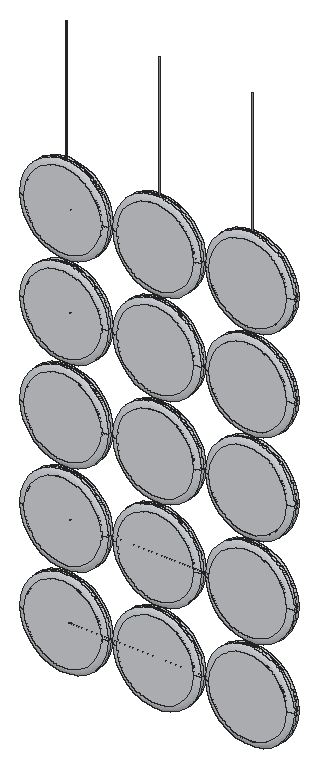
Revit family "CIRCLE CONNECT", category Generic Models, host Ceiling, Revit 2019
Family settings
  Host = Ceiling
  Can host rebar = No
  Round Connector Dimension = Use Diameter
  Part Type = Normal
  Always vertical = Yes
  Cut with Voids When Loaded = No
  Shared = No
  Room Calculation Point = No
Parameters
  ROD LENGTH [instance] = 2' - 1"
  FRONT PANEL MATERIAL [instance] = none
  CABLE MATERIAL = none
  BACK PANEL MATERIAL [instance] = none
Reference planes (in)
  plane 1 "Center (Front/Back)": y = 0
  plane 2 "Ceiling": z = 120
  plane 3 "Center (Left/Right)": x = 0
  plane 4: z = 11
  plane 5: x = 0
  plane 6: z = 48.5
  plane 7: z = 86
  plane 8: x = -18.75
  plane 9: x = 18.75
  plane 10: z = 95
  plane 11: z = 2
  plane 12: x = 27.75
  plane 13: x = -27.75
  plane 14: z = 57.875
  plane 15: z = 39.125
  plane 16: z = 29.75
  plane 17: z = 67.25
  plane 18: z = 76.625
  plane 19: z = 20.375
Forms (in)
  Extrusion 1, solid, material <- "CABLE MATERIAL"
    sketch origin (0, 0, 120) x (1, 0, 0) y (0, 1, 0)
      loop
        circle (-18.75, 0) r 0.0625
      loop
        circle (0, 0) r 0.0625
      loop
        circle (18.75, 0) r 0.0625
    from -25 to -113.5
  Extrusion 2, solid, material <- "CABLE MATERIAL"
    sketch origin (0, 0, 79) x (0, -1, 0) y (1, 0, 0)
      loop
        circle (0, -18.75) r 0.0625
      loop
        circle (0, 0) r 0.0625
      loop
        circle (0, 18.75) r 0.0625
    from 16 to 41
  Extrusion 3, solid, material <- "CABLE MATERIAL"
    sketch origin (0, 0, 0) x (1, 0, 0) y (0, 0, 1)
      loop
        circle (-18.75, 57.875) r 0.09375
      loop
        circle (0, 57.875) r 0.09375
      loop
        circle (18.75, 57.875) r 0.09375
      loop
        circle (-18.75, 39.125) r 0.09375
      loop
        circle (0, 39.125) r 0.09375
      loop
        circle (18.75, 39.125) r 0.09375
      loop
        circle (-18.75, 20.375) r 0.09375
      loop
        circle (0, 20.375) r 0.09375
      loop
        circle (18.75, 20.375) r 0.09375
      loop
        circle (-18.75, 76.625) r 0.09375
      loop
        circle (0, 76.625) r 0.09375
      loop
        circle (18.75, 76.625) r 0.09375
    from -0.25 to 0.25
  Extrusion 4, solid, material <- "CABLE MATERIAL"
    sketch origin (-17.33255, 24.88386, -16.61397) x (0, -1, 0) y (0, 0, 1)
      loop
        circle (24.88386, 102.61397) r 0.0625
      loop
        circle (24.90218, 65.11397) r 0.0499
      loop
        circle (24.87274, 83.86397) r 0.07934
      loop
        circle (24.88386, 27.61397) r 0.06823
      loop
        circle (24.88958, 46.36397) r 0.0625
    from -30.34459 to 0.87072
  Extrusion 5, solid, material <- "CABLE MATERIAL"
    sketch origin (2.65559, 0, -2.19225) x (1, 0, 0) y (0, 0, 1)
      loop
        circle (6.70663, 31.95829) r 0.0625
      loop
        circle (-12.01283, 31.95156) r 0.0625
      loop
        circle (6.72932, 13.18767) r 0.0625
      loop
        circle (-12.01678, 13.20016) r 0.0625
      loop
        circle (6.75069, 50.6875) r 0.0625
      loop
        circle (-12.05618, 50.6875) r 0.0625
      loop
        circle (6.68576, 69.40694) r 0.0625
      loop
        circle (-12.05618, 69.42895) r 0.0625
      loop
        circle (6.7514, 88.18767) r 0.0625
      loop
        circle (-12.06988, 88.18767) r 0.0625
    from -0.25 to 0.25
Dimensions and locks (in)
  equal spacing: host sketch curve, plane 3 "Center (Left/Right)", host sketch curve
  equal spacing: host sketch curve, plane 1 "Center (Front/Back)", host sketch curve
  host sketch curve to host sketch curve = 10' - 0"  (x2)
  equal spacing: plane 12, plane 3 "Center (Left/Right)", plane 13
  plane 10 to plane 7 to plane 17 to plane 6 to plane 16 to plane 4 to plane 11 to level = 0' - 9" locked, 1' - 6 3/4" locked, 1' - 6 3/4" locked, 1' - 6 3/4" locked, 1' - 6 3/4" locked, 0' - 9" locked, 0' - 2" locked
  equal spacing: plane 7, plane 18, plane 17
  equal spacing: plane 17, plane 14, plane 6
  equal spacing: plane 6, plane 15, plane 16
  equal spacing: plane 16, plane 19, plane 4
  "ROD LENGTH": plane 2 "Ceiling" to plane 10
  aligned and locked: plane 2 "Ceiling" to host ceiling
  aligned and locked: plane 10 to Extrusion 1
  aligned and locked: plane 2 "Ceiling" to Extrusion 2
  aligned and locked: Extrusion 2 to plane 10
  aligned and locked: plane 4 to nested 1
  aligned and locked: plane 4 to nested 2
  aligned and locked: nested 3 to plane 4
  aligned and locked: plane 9 to nested 3
  aligned and locked: nested 2 to plane 5
  aligned and locked: nested 1 to plane 8
Automatic sketch dimensions
  plane 1 "Center (Front/Back)" to Extrusion 1 sketch curve = 0' - 0"  (x3)
  Extrusion 1 sketch curve to plane 8 = 0' - 0"
  Extrusion 1 sketch curve to plane 3 "Center (Left/Right)" = 0' - 0"
  Extrusion 1 sketch curve to plane 9 = 0' - 0"
  plane 1 "Center (Front/Back)" to Extrusion 2 sketch curve = 0' - 0"  (x3)
  Extrusion 2 sketch curve to plane 8 = 0' - 0"
  Extrusion 2 sketch curve to plane 3 "Center (Left/Right)" = 0' - 0"
  Extrusion 2 sketch curve to plane 9 = 0' - 0"
  plane 8 to Extrusion 3 sketch curve = 0' - 0"  (x4)
  plane 5 to Extrusion 3 sketch curve = 0' - 0"  (x4)
  plane 9 to Extrusion 3 sketch curve = 0' - 0"  (x4)
  Extrusion 3 sketch curve to plane 19 = 0' - 0"  (x3)
  Extrusion 3 sketch curve to plane 15 = 0' - 0"  (x3)
  Extrusion 3 sketch curve to plane 14 = 0' - 0"  (x3)
  Extrusion 3 sketch curve to plane 18 = 0' - 0"  (x3)
  Extrusion 4 sketch curve to plane 16 = 0' - 0"
  Extrusion 4 sketch curve to plane 6 = 0' - 0"
  plane 7 to Extrusion 4 sketch curve = 0' - 0"
  Extrusion 4 sketch curve to plane 4 = 0' - 0"
  Extrusion 4 sketch curve to plane 1 "Center (Front/Back)" = 0' - 0"
  Extrusion 4 sketch curve to Extrusion 4 sketch curve = 0' - 0.00573"
  Extrusion 4 sketch curve to Extrusion 4 sketch curve = 0' - 0.0126"
  Extrusion 4 sketch curve to plane 17 = 0' - 0"
  Extrusion 4 sketch curve to Extrusion 4 sketch curve = 0' - 0.02944"
  plane 1 "Center (Front/Back)" to Extrusion 4 sketch curve = 0' - 0"
  plane 12 to Extrusion 5 sketch curve = 3' - 1.10725"
  plane 12 to Extrusion 5 sketch curve = 3' - 1.16429"
  plane 11 to Extrusion 5 sketch curve = 0' - 9.00791"
  plane 12 to Extrusion 5 sketch curve = 3' - 1.11119"
  plane 12 to Extrusion 5 sketch curve = 3' - 1.1506"  (x2)
  Extrusion 5 sketch curve to plane 14 = 0' - 9.33969"
  Extrusion 5 sketch curve to plane 15 = 0' - 9.37025"  (x2)
  plane 11 to Extrusion 5 sketch curve = 0' - 8.99542"
  Extrusion 5 sketch curve to plane 18 = 0' - 9.37042"  (x2)
  Extrusion 5 sketch curve to plane 19 = 0' - 9.39104"
  Extrusion 5 sketch curve to plane 19 = 0' - 9.38431"
  Extrusion 5 sketch curve to plane 14 = 0' - 9.3617"
  plane 12 to Extrusion 5 sketch curve = 1' - 6.40865"
  plane 12 to Extrusion 5 sketch curve = 1' - 6.34372"
  plane 12 to Extrusion 5 sketch curve = 1' - 6.36509"
  plane 12 to Extrusion 5 sketch curve = 1' - 6.34301"
  plane 12 to Extrusion 5 sketch curve = 1' - 6.38778"
  radius of Extrusion 1 sketch curve = 0' - 0 1/16"  (x3)
  radius of Extrusion 2 sketch curve = 0' - 0 1/16"  (x3)
  radius of Extrusion 3 sketch curve = 0' - 0 3/32"  (x12)
  radius of Extrusion 4 sketch curve = 0' - 0 1/16"  (x2)
  radius of Extrusion 4 sketch curve = 0' - 0.0499"
  radius of Extrusion 4 sketch curve = 0' - 0.07934"
  radius of Extrusion 4 sketch curve = 0' - 0.06823"
  radius of Extrusion 5 sketch curve = 0' - 0 1/16"  (x10)
Nested families (in)
  nested 1: "CIRCLE CONNECT PANEL" at (-18.75, 0, 11), BACK PANEL MATERIAL <- "BACK PANEL MATERIAL", FRONT PANEL MATERIAL <- "FRONT PANEL MATERIAL", type "CIRCLE CONNECT PANEL"
    with FRONT PANEL MATERIAL none, BACK PANEL MATERIAL none
  nested 2: "CIRCLE CONNECT PANEL" at (0, 0, 11), BACK PANEL MATERIAL <- "BACK PANEL MATERIAL", FRONT PANEL MATERIAL <- "FRONT PANEL MATERIAL", type "CIRCLE CONNECT PANEL"
    with FRONT PANEL MATERIAL none, BACK PANEL MATERIAL none
  nested 3: "CIRCLE CONNECT PANEL" at (18.75, 0, 11) x (-1, 0, 0) z (0, 0, 1), BACK PANEL MATERIAL <- "BACK PANEL MATERIAL", FRONT PANEL MATERIAL <- "FRONT PANEL MATERIAL", type "CIRCLE CONNECT PANEL"
    with FRONT PANEL MATERIAL none, BACK PANEL MATERIAL none
  nested 4: "CIRCLE CONNECT PANEL" at (-18.75, 0, 86), BACK PANEL MATERIAL <- "BACK PANEL MATERIAL", FRONT PANEL MATERIAL <- "FRONT PANEL MATERIAL", type "CIRCLE CONNECT PANEL"
    with FRONT PANEL MATERIAL none, BACK PANEL MATERIAL none
  nested 5: "CIRCLE CONNECT PANEL" at (0, 0, 86), BACK PANEL MATERIAL <- "BACK PANEL MATERIAL", FRONT PANEL MATERIAL <- "FRONT PANEL MATERIAL", type "CIRCLE CONNECT PANEL"
    with FRONT PANEL MATERIAL none, BACK PANEL MATERIAL none
  nested 6: "CIRCLE CONNECT PANEL" at (18.75, 0, 86) x (-1, 0, 0) z (0, 0, 1), BACK PANEL MATERIAL <- "BACK PANEL MATERIAL", FRONT PANEL MATERIAL <- "FRONT PANEL MATERIAL", type "CIRCLE CONNECT PANEL"
    with FRONT PANEL MATERIAL none, BACK PANEL MATERIAL none
  nested 7: "CIRCLE CONNECT PANEL" at (-18.75, 0, 29.75), BACK PANEL MATERIAL <- "BACK PANEL MATERIAL", FRONT PANEL MATERIAL <- "FRONT PANEL MATERIAL", type "CIRCLE CONNECT PANEL"
    with FRONT PANEL MATERIAL none, BACK PANEL MATERIAL none
  nested 8: "CIRCLE CONNECT PANEL" at (0, 0, 29.75), BACK PANEL MATERIAL <- "BACK PANEL MATERIAL", FRONT PANEL MATERIAL <- "FRONT PANEL MATERIAL", type "CIRCLE CONNECT PANEL"
    with FRONT PANEL MATERIAL none, BACK PANEL MATERIAL none
  nested 9: "CIRCLE CONNECT PANEL" at (18.75, 0, 29.75) x (-1, 0, 0) z (0, 0, 1), BACK PANEL MATERIAL <- "BACK PANEL MATERIAL", FRONT PANEL MATERIAL <- "FRONT PANEL MATERIAL", type "CIRCLE CONNECT PANEL"
    with FRONT PANEL MATERIAL none, BACK PANEL MATERIAL none
  nested 10: "CIRCLE CONNECT PANEL" at (-18.75, 0, 48.5), BACK PANEL MATERIAL <- "BACK PANEL MATERIAL", FRONT PANEL MATERIAL <- "FRONT PANEL MATERIAL", type "CIRCLE CONNECT PANEL"
    with FRONT PANEL MATERIAL none, BACK PANEL MATERIAL none
  nested 11: "CIRCLE CONNECT PANEL" at (0, 0, 48.5), BACK PANEL MATERIAL <- "BACK PANEL MATERIAL", FRONT PANEL MATERIAL <- "FRONT PANEL MATERIAL", type "CIRCLE CONNECT PANEL"
    with FRONT PANEL MATERIAL none, BACK PANEL MATERIAL none
  nested 12: "CIRCLE CONNECT PANEL" at (18.75, 0, 48.5) x (-1, 0, 0) z (0, 0, 1), BACK PANEL MATERIAL <- "BACK PANEL MATERIAL", FRONT PANEL MATERIAL <- "FRONT PANEL MATERIAL", type "CIRCLE CONNECT PANEL"
    with FRONT PANEL MATERIAL none, BACK PANEL MATERIAL none
  nested 13: "CIRCLE CONNECT PANEL" at (-18.75, 0, 67.25), BACK PANEL MATERIAL <- "BACK PANEL MATERIAL", FRONT PANEL MATERIAL <- "FRONT PANEL MATERIAL", type "CIRCLE CONNECT PANEL"
    with FRONT PANEL MATERIAL none, BACK PANEL MATERIAL none
  nested 14: "CIRCLE CONNECT PANEL" at (0, 0, 67.25), BACK PANEL MATERIAL <- "BACK PANEL MATERIAL", FRONT PANEL MATERIAL <- "FRONT PANEL MATERIAL", type "CIRCLE CONNECT PANEL"
    with FRONT PANEL MATERIAL none, BACK PANEL MATERIAL none
  nested 15: "CIRCLE CONNECT PANEL" at (18.75, 0, 67.25) x (-1, 0, 0) z (0, 0, 1), BACK PANEL MATERIAL <- "BACK PANEL MATERIAL", FRONT PANEL MATERIAL <- "FRONT PANEL MATERIAL", type "CIRCLE CONNECT PANEL"
    with FRONT PANEL MATERIAL none, BACK PANEL MATERIAL none
Definition of nested family "CIRCLE CONNECT PANEL"
  Parameters (values of type "CIRCLE CONNECT PANEL")
    FRONT PANEL MATERIAL [instance] = none
    BACK PANEL MATERIAL [instance] = none
  Reference planes (in)
    plane 1 "Center (Front/Back)": y = 0
    plane 2: z = 0
    plane 3 "Center (Left/Right)": x = 0
    plane 4: x = -9
    plane 5: x = 9
    plane 6: y = 0.75
    plane 7: y = -0.75
    plane 8: z = 0
  Forms (in)
    Extrusion 1, solid, material <- "FRONT PANEL MATERIAL"
      sketch origin (-188904.23046, 0, 149047.28642) x (1, 0, 0) y (0, 0, 1)
        loop
          circle (188904.23046, -149047.28642) r 9
      from 0 to 1
    Sweep 2, void
      path in 3D
        loop
          arc (9, -1, 0) -> (0, -1, -9) -> (-9, -1, 0) r 9
          arc (-9, -1, 0) -> (0, -1, 9) -> (9, -1, 0) r 9
      profile origin (0, -1, 9) x (0, 0, 1) y (0, -1, 0)
        loop
          line (0.35732, 0) -> (0.35732, 0.25) -> (0, 0.25) -> (-1.5, 0.25) -> (-1.5, 0)
          arc (-1.5, 0) -> (-0.69866, -0.09598) -> (0, -0.5) r 2.00597
          line (0, -0.5) -> (0.35732, -0.5) -> (0.35732, 0)
    Extrusion 3, solid, material <- "BACK PANEL MATERIAL"
      sketch origin (-188904.23046, 0, 149047.28642) x (1, 0, 0) y (0, 0, -1)
        loop
          circle (188904.23046, 149047.28642) r 9
      from 0 to 1
    Sweep 4, void
      path in 3D
        loop
          arc (-9, 1, 0) -> (0, 1, -9) -> (9, 1, 0) r 9
          arc (9, 1, 0) -> (0, 1, 9) -> (-9, 1, 0) r 9
      profile origin (0, 1, 9) x (0, 0, 1) y (0, 1, 0)
        loop
          line (0.35732, 0) -> (0.35732, 0.25) -> (0, 0.25) -> (-1.5, 0.25) -> (-1.5, 0)
          arc (-1.5, 0) -> (-0.69866, -0.09598) -> (0, -0.5) r 2.00597
          line (0, -0.5) -> (0.35732, -0.5) -> (0.35732, 0)
  Cuts and joins
    Sweep 2, Sweep 4 cuts Extrusion 1
    Sweep 4 cuts Extrusion 3
  Lines and regions (in)
    reference lines
      curve 1: circle (0, 0, 0) r 9 normal (0, -1, 0)
    sketch lines
      curve 2: arc (-9, -1, 0) -> (0, -1, 9) -> (9, -1, 0) r 9
      curve 3: arc (9, -1, 0) -> (0, -1, -9) -> (-9, -1, 0) r 9
      curve 4: arc (9, 1, 0) -> (0, 1, 9) -> (-9, 1, 0) r 9
      curve 5: arc (-9, 1, 0) -> (0, 1, -9) -> (9, 1, 0) r 9
  Dimensions and locks (in)
    radius of Extrusion 1 sketch curve = 0' - 9"
    radius of Extrusion 3 sketch curve = 0' - 9"
    aligned and locked: level to plane 2
    aligned and locked: plane 8 to cut or joined group of Extrusion 1, Sweep 2, Sweep 4
